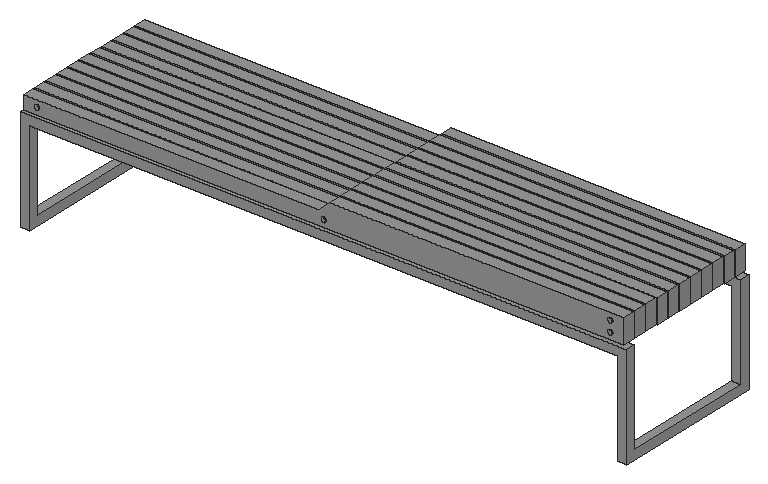
Revit family "Скамейка стальная «Долиум» без спинки Арт 12990", category Антураж, Revit 2018
Family settings
  На основе рабочей плоскости = Нет
  Всегда вертикально = Да
  При загрузке вырезать с полостями = Нет
  Источник визуального образа = Геометрия семейства
  Общий = Нет
  Точка расчета площади = Нет
Parameters (values of type "Скамейка стальная «Долиум» без спинки")
  Ширина = 500 mm  # constant formula
  Цвет опоры = Сталь
  Цвет лавки = Дерево
  Описание = "Скамейка стальная «Долиум» без спинки"  # constant formula
  Материал изделия = "Сталь, дерево"  # constant formula
  Изображение типоразмера = Скамейка стальная «Долиум» без спинки Арт 12990.jpg
  Изготовитель = "ООО «Хоббика»"  # constant formula
  Длина = 2000 mm  # constant formula
  Группа модели = "Скамейки"  # constant formula
  Высота = 430 mm  # constant formula
  Артикул товара = "Арт. 12990"  # constant formula
  URL = "https://hobbyka.ru/product/skameyka_dolium/"
Reference planes
  plane 1 "По центру (Вперед/Назад)": y = 0
  plane 2: z = 0
  plane 3 "По центру (Влево/Вправо)": x = 0
  plane 4: y = 500
  plane 5: x = 2000
  plane 6: z = 430
Forms (mm)
  Extrusion 1, solid, material "Сталь" <- "Цвет опоры"
    sketch origin (0, 0, 0) x (1, 0, 0) y (0, 1, 0)
      loop
        line (0, 500) -> (0, 470) -> (2000, 470) -> (2000, 500) -> (0, 500)
      loop
        line (0, 30) -> (0, 0) -> (2000, 0) -> (2000, 30) -> (0, 30)
    from 310 to 340
  Extrusion 2, solid, material "Сталь" <- "Цвет опоры"
    sketch origin (0, 0, 0) x (1, 0, 0) y (0, 1, 0)
      loop
        line (0, 500) -> (0, 470) -> (30, 470) -> (30, 500) -> (0, 500)
      loop
        line (0, 30) -> (0, 0) -> (30, 0) -> (30, 30) -> (0, 30)
      loop
        line (1970, 500) -> (1970, 470) -> (2000, 470) -> (2000, 500) -> (1970, 500)
      loop
        line (1970, 30) -> (1970, 0) -> (2000, 0) -> (2000, 30) -> (1970, 30)
    from 0 to 310
  Extrusion 3, solid, material "Сталь" <- "Цвет опоры"
    sketch origin (0, 0, 0) x (1, 0, 0) y (0, 1, 0)
      loop
        line (30, 500) -> (0, 500) -> (0, 0) -> (30, 0) -> (30, 500)
      loop
        line (2000, 500) -> (1970, 500) -> (1970, 0) -> (2000, 0) -> (2000, 500)
    from 0 to 30
  Extrusion 4, solid, material "Сталь" <- "Цвет опоры"
    sketch origin (0, 0, 0) x (1, 0, 0) y (0, 1, 0)
      loop
        line (80, 485) -> (30, 485) -> (30, 15) -> (80, 15) -> (80, 485)
      loop
        line (1970, 485) -> (1920, 485) -> (1920, 15) -> (1970, 15) -> (1970, 485)
      loop
        line (975, 485) -> (975, 15) -> (1025, 15) -> (1025, 485) -> (975, 485)
    from 340 to 350
  Extrusion 5, solid, material "Дерево" <- "Цвет лавки"
    sketch origin (0, 0, 0) x (0, 1, 0) y (0, 0, 1)
      loop
        line (0, 350) -> (40, 350) -> (40, 430) -> (0, 430) -> (0, 350)
    from 10 to 1990
  Extrusion 6, solid, material "Дерево" <- "Цвет лавки"
    sketch origin (0, 460, 0) x (0, 1, 0) y (0, 0, 1)
      loop
        line (0, 350) -> (40, 350) -> (40, 430) -> (0, 430) -> (0, 350)
    from 10 to 1990
  Extrusion 7, solid, material "Дерево" <- "Цвет лавки"
    sketch origin (0, 46, 0) x (0, 1, 0) y (0, 0, 1)
      loop
        line (0, 350) -> (40, 350) -> (40, 430) -> (0, 430) -> (0, 350)
    from 10 to 1990
  Extrusion 8, solid, material "Дерево" <- "Цвет лавки"
    sketch origin (0, 92, 0) x (0, 1, 0) y (0, 0, 1)
      loop
        line (0, 350) -> (40, 350) -> (40, 430) -> (0, 430) -> (0, 350)
    from 10 to 1990
  Extrusion 9, solid, material "Дерево" <- "Цвет лавки"
    sketch origin (0, 138, 0) x (0, 1, 0) y (0, 0, 1)
      loop
        line (0, 350) -> (40, 350) -> (40, 430) -> (0, 430) -> (0, 350)
    from 10 to 1990
  Extrusion 10, solid, material "Дерево" <- "Цвет лавки"
    sketch origin (0, 184, 0) x (0, 1, 0) y (0, 0, 1)
      loop
        line (0, 350) -> (40, 350) -> (40, 430) -> (0, 430) -> (0, 350)
    from 10 to 1990
  Extrusion 11, solid, material "Дерево" <- "Цвет лавки"
    sketch origin (0, 230, 0) x (0, 1, 0) y (0, 0, 1)
      loop
        line (0, 350) -> (40, 350) -> (40, 430) -> (0, 430) -> (0, 350)
    from 10 to 1990
  Extrusion 12, solid, material "Дерево" <- "Цвет лавки"
    sketch origin (0, 276, 0) x (0, 1, 0) y (0, 0, 1)
      loop
        line (0, 350) -> (40, 350) -> (40, 430) -> (0, 430) -> (0, 350)
    from 10 to 1990
  Extrusion 13, solid, material "Дерево" <- "Цвет лавки"
    sketch origin (0, 322, 0) x (0, 1, 0) y (0, 0, 1)
      loop
        line (0, 350) -> (40, 350) -> (40, 430) -> (0, 430) -> (0, 350)
    from 10 to 1990
  Extrusion 14, solid, material "Дерево" <- "Цвет лавки"
    sketch origin (0, 368, 0) x (0, 1, 0) y (0, 0, 1)
      loop
        line (0, 350) -> (40, 350) -> (40, 430) -> (0, 430) -> (0, 350)
    from 10 to 1990
  Extrusion 15, solid, material "Дерево" <- "Цвет лавки"
    sketch origin (0, 414, 0) x (0, 1, 0) y (0, 0, 1)
      loop
        line (0, 350) -> (40, 350) -> (40, 430) -> (0, 430) -> (0, 350)
    from 10 to 1990
  Extrusion 16, void
    sketch origin (0, 0, 0) x (1, 0, 0) y (0, 0, 1)
      loop
        line (984.645, 394.645) -> (1020, 430) -> (10, 430) -> (10, 394.645) -> (984.645, 394.645)
    from 0 to -40
  Extrusion 17, void
    sketch origin (0, 460, 0) x (1, 0, 0) y (0, 0, 1)
      loop
        line (984.645, 394.645) -> (1020, 430) -> (10, 430) -> (10, 394.645) -> (984.645, 394.645)
    from 0 to -40
  Extrusion 18, void
    sketch origin (0, 46, 0) x (1, 0, 0) y (0, 0, 1)
      loop
        line (984.645, 394.645) -> (1020, 430) -> (10, 430) -> (10, 394.645) -> (984.645, 394.645)
    from 0 to -40
  Extrusion 19, void
    sketch origin (0, 92, 0) x (1, 0, 0) y (0, 0, 1)
      loop
        line (984.645, 394.645) -> (1020, 430) -> (10, 430) -> (10, 394.645) -> (984.645, 394.645)
    from 0 to -40
  Extrusion 20, void
    sketch origin (0, 138, 0) x (1, 0, 0) y (0, 0, 1)
      loop
        line (984.645, 394.645) -> (1020, 430) -> (10, 430) -> (10, 394.645) -> (984.645, 394.645)
    from 0 to -40
  Extrusion 21, void
    sketch origin (0, 184, 0) x (1, 0, 0) y (0, 0, 1)
      loop
        line (984.645, 394.645) -> (1020, 430) -> (10, 430) -> (10, 394.645) -> (984.645, 394.645)
    from 0 to -40
  Extrusion 22, void
    sketch origin (0, 230, 0) x (1, 0, 0) y (0, 0, 1)
      loop
        line (984.645, 394.645) -> (1020, 430) -> (10, 430) -> (10, 394.645) -> (984.645, 394.645)
    from 0 to -40
  Extrusion 23, void
    sketch origin (0, 276, 0) x (1, 0, 0) y (0, 0, 1)
      loop
        line (984.645, 394.645) -> (1020, 430) -> (10, 430) -> (10, 394.645) -> (984.645, 394.645)
    from 0 to -40
  Extrusion 24, void
    sketch origin (0, 322, 0) x (1, 0, 0) y (0, 0, 1)
      loop
        line (984.645, 394.645) -> (1020, 430) -> (10, 430) -> (10, 394.645) -> (984.645, 394.645)
    from 0 to -40
  Extrusion 25, void
    sketch origin (0, 368, 0) x (1, 0, 0) y (0, 0, 1)
      loop
        line (984.645, 394.645) -> (1020, 430) -> (10, 430) -> (10, 394.645) -> (984.645, 394.645)
    from 0 to -40
  Extrusion 26, void
    sketch origin (0, 414, 0) x (1, 0, 0) y (0, 0, 1)
      loop
        line (984.645, 394.645) -> (1020, 430) -> (10, 430) -> (10, 394.645) -> (984.645, 394.645)
    from 0 to -40
  Extrusion 27, solid, material "Сталь" <- "Цвет опоры"
    sketch origin (0, 0, 0) x (1, 0, 0) y (0, 0, 1)
      loop
        circle (1945, 407.678) r 7.5
      loop
        circle (1945, 372.322) r 7.5
      loop
        circle (1000, 372.322) r 7.5
      loop
        circle (55, 372.322) r 7.5
    from 0.1 to -500.1
Cuts and joins
  joined: Extrusion 1, Extrusion 2, Extrusion 3
  Extrusion 16 cuts Extrusion 5
  Extrusion 17 cuts Extrusion 6
  Extrusion 18 cuts Extrusion 7
  Extrusion 19 cuts Extrusion 8
  Extrusion 20 cuts Extrusion 9
  Extrusion 21 cuts Extrusion 10
  Extrusion 22 cuts Extrusion 11
  Extrusion 23 cuts Extrusion 12
  Extrusion 24 cuts Extrusion 13
  Extrusion 25 cuts Extrusion 14
  Extrusion 26 cuts Extrusion 15
Dimensions and locks
  "Длина": plane 3 "По центру (Влево/Вправо)" to plane 5
  "Ширина": plane 4 to plane 1 "По центру (Вперед/Назад)"
  "Высота": plane 6 to plane 2
  equal spacing: group 1, group 3, group 4, group 5, group 6, group 7, group 8, group 9, group 10, group 11, group 2  (x3)
  aligned and locked: level to plane 2
Automatic sketch dimensions
  Extrusion 1 sketch curve to plane 3 "По центру (Влево/Вправо)" = 0 mm  (x2)
  plane 1 "По центру (Вперед/Назад)" to Extrusion 1 sketch curve = 0 mm
  Extrusion 1 sketch curve to plane 5 = 0 mm  (x2)
  Extrusion 1 sketch curve to plane 4 = 0 mm
  Extrusion 1 sketch curve to plane 1 "По центру (Вперед/Назад)" = 30 mm
  Extrusion 1 sketch curve to plane 4 = 30 mm
  Extrusion 2 sketch curve to plane 3 "По центру (Влево/Вправо)" = 0 mm  (x2)
  plane 1 "По центру (Вперед/Назад)" to Extrusion 2 sketch curve = 0 mm  (x2)
  Extrusion 2 sketch curve to plane 4 = 0 mm  (x2)
  Extrusion 2 sketch curve to plane 5 = 0 mm  (x2)
  plane 3 "По центру (Влево/Вправо)" to Extrusion 2 sketch curve = 30 mm  (x2)
  Extrusion 2 sketch curve to Extrusion 2 sketch curve = 30 mm
  Extrusion 2 sketch curve to plane 5 = 30 mm
  Extrusion 2 sketch curve to plane 1 "По центру (Вперед/Назад)" = 30 mm  (x2)
  Extrusion 2 sketch curve to plane 4 = 30 mm  (x2)
  Extrusion 3 sketch curve to plane 3 "По центру (Влево/Вправо)" = 0 mm
  plane 1 "По центру (Вперед/Назад)" to Extrusion 3 sketch curve = 0 mm  (x2)
  Extrusion 3 sketch curve to plane 4 = 0 mm  (x2)
  Extrusion 3 sketch curve to plane 5 = 0 mm
  plane 3 "По центру (Влево/Вправо)" to Extrusion 3 sketch curve = 30 mm
  Extrusion 3 sketch curve to plane 5 = 30 mm
  Extrusion 4 sketch curve to plane 5 = 30 mm
  Extrusion 4 sketch curve to plane 4 = 15 mm  (x3)
  Extrusion 4 sketch curve to Extrusion 4 sketch curve = 50 mm  (x3)
  plane 3 "По центру (Влево/Вправо)" to Extrusion 4 sketch curve = 30 mm
  Extrusion 4 sketch curve to plane 1 "По центру (Вперед/Назад)" = 15 mm  (x3)
  Extrusion 4 sketch curve to Extrusion 4 sketch curve = 895 mm
  Extrusion 5 sketch curve to Extrusion 5 sketch curve = 80 mm
  Extrusion 5 sketch curve to Extrusion 5 sketch curve = 40 mm
  Extrusion 6 sketch curve to Extrusion 6 sketch curve = 80 mm
  Extrusion 6 sketch curve to Extrusion 6 sketch curve = 40 mm
  Extrusion 7 sketch curve to Extrusion 7 sketch curve = 80 mm
  Extrusion 7 sketch curve to Extrusion 7 sketch curve = 40 mm
  Extrusion 8 sketch curve to Extrusion 8 sketch curve = 80 mm
  Extrusion 8 sketch curve to Extrusion 8 sketch curve = 40 mm
  Extrusion 9 sketch curve to Extrusion 9 sketch curve = 80 mm
  Extrusion 9 sketch curve to Extrusion 9 sketch curve = 40 mm
  Extrusion 10 sketch curve to Extrusion 10 sketch curve = 80 mm
  Extrusion 10 sketch curve to Extrusion 10 sketch curve = 40 mm
  Extrusion 11 sketch curve to Extrusion 11 sketch curve = 80 mm
  Extrusion 11 sketch curve to Extrusion 11 sketch curve = 40 mm
  Extrusion 12 sketch curve to Extrusion 12 sketch curve = 80 mm
  Extrusion 12 sketch curve to Extrusion 12 sketch curve = 40 mm
  Extrusion 13 sketch curve to Extrusion 13 sketch curve = 80 mm
  Extrusion 13 sketch curve to Extrusion 13 sketch curve = 40 mm
  Extrusion 14 sketch curve to Extrusion 14 sketch curve = 80 mm
  Extrusion 14 sketch curve to Extrusion 14 sketch curve = 40 mm
  Extrusion 15 sketch curve to Extrusion 15 sketch curve = 80 mm
  Extrusion 15 sketch curve to Extrusion 15 sketch curve = 40 mm
  Extrusion 16 sketch curve to Extrusion 16 sketch curve = 35.355 mm  (x3)
  Extrusion 26 sketch curve to Extrusion 26 sketch curve = 974.645 mm
  Extrusion 26 sketch curve to Extrusion 26 sketch curve = 35.355 mm  (x2)
  plane 3 "По центру (Влево/Вправо)" to Extrusion 27 sketch curve = 55 mm
  Extrusion 27 sketch curve to plane 6 = 57.678 mm  (x3)
  Extrusion 27 sketch curve to Extrusion 27 sketch curve = 945 mm
  Extrusion 27 sketch curve to plane 5 = 55 mm
  Extrusion 27 sketch curve to Extrusion 27 sketch curve = 0 mm
  Extrusion 27 sketch curve to plane 6 = 22.322 mm
  Extrusion 16 sketch curve to Extrusion 16 sketch curve = 974.645 mm
  Extrusion 17 sketch curve to Extrusion 17 sketch curve = 974.645 mm
  Extrusion 17 sketch curve to Extrusion 17 sketch curve = 35.355 mm  (x2)
  Extrusion 18 sketch curve to Extrusion 18 sketch curve = 974.645 mm
  Extrusion 18 sketch curve to Extrusion 18 sketch curve = 35.355 mm  (x2)
  Extrusion 19 sketch curve to Extrusion 19 sketch curve = 974.645 mm
  Extrusion 19 sketch curve to Extrusion 19 sketch curve = 35.355 mm  (x2)
  Extrusion 20 sketch curve to Extrusion 20 sketch curve = 974.645 mm
  Extrusion 20 sketch curve to Extrusion 20 sketch curve = 35.355 mm  (x2)
  Extrusion 21 sketch curve to Extrusion 21 sketch curve = 974.645 mm
  Extrusion 21 sketch curve to Extrusion 21 sketch curve = 35.355 mm  (x2)
  Extrusion 22 sketch curve to Extrusion 22 sketch curve = 974.645 mm
  Extrusion 22 sketch curve to Extrusion 22 sketch curve = 35.355 mm  (x2)
  Extrusion 23 sketch curve to Extrusion 23 sketch curve = 974.645 mm
  Extrusion 23 sketch curve to Extrusion 23 sketch curve = 35.355 mm  (x2)
  Extrusion 24 sketch curve to Extrusion 24 sketch curve = 974.645 mm
  Extrusion 24 sketch curve to Extrusion 24 sketch curve = 35.355 mm  (x2)
  Extrusion 25 sketch curve to Extrusion 25 sketch curve = 974.645 mm
  Extrusion 25 sketch curve to Extrusion 25 sketch curve = 35.355 mm  (x2)
  radius of Extrusion 27 sketch curve = 7.5 mm  (x4)
